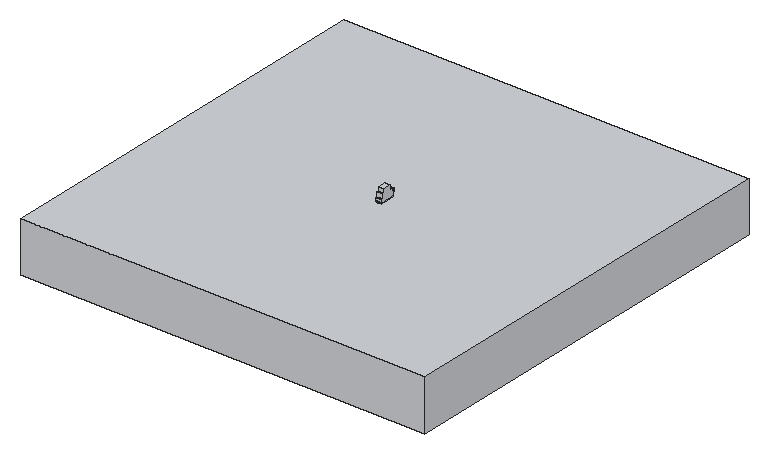
Revit family "Gira_207712", category Elektroinstallationen, Revit 2017
Family settings
  Basisbauteil = Fläche
  Beschriftungsausrichtung beibehalten = Nein
  Bemaßung runder Anschluss = Durchmesser verwenden
  Teiletyp = Normal
  Beim Laden mit Abzugskörper schneiden = Nein
  Gemeinsam genutzt = Nein
  Raumberechnungspunkt = Nein
Parameters
  Zentrale Funktionseinheit für Sender/Aktoren = yes
  Werkstoffgüte = "sonstige"
  Werkstoff = "sonstige"
  Default Elevation = 1219.2 mm
  URL = "https://www.gira.de/"
  Typname = "Gira G1 24 V Gira G1 G Weiß"
  Transparent = no
  Temperaturregler = yes
  Status-LED = yes
  Schutzart (IP) = "IP21"
  Präsenztaster = no
  Produktseite = "http://katalog.gira.de/de_DE/datenblatt.html?artikelnr=207712"
  Oberfläche = "sonstige"
  Montageart = "Unterputz"
  Mit Display = yes
  Mit Diebstahl-/Demontageschutz = yes
  Mit Busankopplung = no
  Logischer Baustein = yes
  IR-Sensor = no
  Hersteller = "Gira"
  HAN = "207712"
  GTIN = "4010337014317"
  Datenblatt = "https://katalog.gira.de/de_DE/download.html?artikelnr=207712"
  DCF77 Empfänger integriert = no
  Bussystem Powernet = no
  Bussystem LON = no
  Bussystem KNX-Funk = no
  Bussystem KNX = yes
  Bussystem Funkbus = no
  Breite in Teilungseinheiten = 2
  Beschreibung = "Gira G1 24 V  Glas Weiß Der Gira G1 ist ein multifunktionales Raumbediengerät zur Visualisierung und Bedienung vielfältiger Gebäudefunktionen. Zum Einsatz im KNX System und im Gira Türkommunikations-System oder als Client. Der jeweilige Funktionsumfang hängt von der verwendeten Firmware ab.  In der Funktion als Client stehen die Funktionen des KNX Raumbediengerät nicht zur Verfügung. Den genauen Funktionsumfang entnehmen Sie bitte dem Gira Online-Katalog sowie der technischen Gerätedokumentation.  Merkmale: - Die Bedienung erfolgt über ein gestenfähiges Multitouchdisplay. - Anbindung und Kommunikation ist variantenabhängig über LAN oder WLAN. - Integrierter Lautsprecher. - Integriertes Mikrofon mit Echokompensation.    Einsatzmöglichkeiten und Kombinationen: - Der Gira G1 als multifunktionales Raumbediengerät stellt folgende Funktionen bzw. Kombinationen von Funktionen zur Verfügung: - KNX Raumbediengerät - Wohnungsstation Video - Einbindung von Internetdiensten oder als Client für folgende System   Server - HomeServer – eNet – X1- Sicherheitssystem Alarm Connect Eigenschaften als KNX Raumbediengerät: - Intuitiv bedienbare und durch den Endbenutzer anpassbare Benutzeroberfläche. - Schalten, Tasten, Dimmen (relativ u. absolut), Dimmen (inkl. Dimmen RGB, RGBW u. Tunable White) Jalousie- und Rollladensteuerung, Wertgeber, Szenennebenstelle. - Statusanzeige, Anzeige von Datum und Uhrzeit, Anzeige von Innen- und Außentemperatur. - Bis zu 150 Funktionen (sechs Funktionsordner bzw. Räume mit jeweils bis zu 25 Funktionen). - Bis zu 125 Wochen-Zeitschaltuhren mit jeweils 10 Schaltzeiten. - Raumtemperaturregler in Kombination mit dem optional erhältlicher Temperaturfühlermodul oder KNX Geräten zur Raumtemperaturmessung, z. B. Tastsensor 3 Komfort. - Betriebsmodi: Komfort, Stand-by, Nacht und Frost- bzw. Hitzeschutz mit jeweils eigenen Temperatursollwerten (für Heizen und bzw. oder Kühlen). - Betriebsmodi individuell anpassbar. - Eine Heizungsuhr als Wochen-Zeitschaltuhr mit 28 Schaltzeiten. - Raumtemperaturregler-Nebenstelle zur Ansteuerung von Klimaanlagen (Fancoil) in Verbindung mit einem KNX Gateway für Klimaanlagen. Eigenschaften als Wohnungsstation Video: - Kameraumschaltung: gezielte Anwahl der angeschlossenen Farbkameras.  - Ansteuerung des Türöffners. - Rufton ein- und ausschalten. - Rufton wählbar aus 10 Melodien. - Internrufe. Einbindung von Internetdiensten: - Gira Wetterportal: Anzeige der Wetterprognose für bis zu fünf Orte (Internetverbindung erforderlich). Mit einem Firmware-Update kann der Gira G1 auch als Client für folgende System   Server eingesetzt werden:: - HomeServer Client - eNet Client - X1 Client - Sicherheitssystem Alarm Connect - Gira G1 mit Unterputz-Anschlussmodul 24 V WLAN zum Anschluss an eine geeignete Leitung (z. B. an das zweite Adernpaar der KNX Busleitung). - Datenkommunikation über WLAN.  Hinweise : - Nur zur Verwendung im Innenbereich geeignet. - Empfohlene Montagehöhe: 150 cm ab Fußboden. - Die Montage erfolgt auf eine tiefe Gerätedose (Empfehlung Elektronikdose bei LAN-Anschluss). - Die Kommunikation zur KNX Installation erfolgt ausschließlich über den KNXnet IP Standard. - Zur Anbindung des Gira G1 PoE an die KNX Installation muss ein KNX IP-Router verwendet werden. Es können mehrere Gira G1 an einem KNX IP-Router betrieben werden. - Zur Anbindung des Gira G1 230 V oder G1 24 V an die KNX Installation ist ein Gira KNX IP-Router (ab Firmwareversion 3) erforderlich um eine zuverlässige Kommunikation im WLAN sicherzustellen. Hierzu ist der Gira KNX IP-Router (ab Firmwareversion 3) speziell mit der Zusatzfunktion Zuverlässige Datenkommunikation\" ausgestattet. Es können mehrere Gira G1 an einem Gira KNX IP-Router (ab Firmwareversion 3) betrieben werden. - Hardware ab Indexstand I08 für KNX Secure vorbereitet (zusätzliches Firmeware-Update erforderlich). - Inbetriebnahme im KNX System ab ETS 5.5 oder höher. - Als Wohnungsstation nutzbar in Verbindung mit TKS-IP-Gateway. - Bitte beachten Sie bei der Planung der Anlage die technischen Informationen zur Netzwerkplanung in der Gerätedokumentation. - Für Firmware-Updates wird der Gira Projekt Assistent (GPA) benötigt. Der GPA ist kostenlos im Gira Downloadbereich verfügbar. - Zur Nutzung der Zeitschaltuhren ist entweder eine Internetverbindung zu einem NTP Zeitserver oder ein entsprechender KNX Zeitgeber (z.B. Gira Wetterstation Plus 2074 00) erforderlich. - Bei Verwendung als Gira HomeServer Client wird das Temperaturfühlermodul des Gira G1 nicht unterstützt. - Bei der Dimensionierung der Spannungsversorgung ist unbedingt die gesamte Leistungsaufnahme aller angeschlossenen Verbraucher sowie der Spannungsfall über das Leitungsnetz zu berücksichtigen.\""
  BIM = "https://media.stage.bim.site/public/gira/876eb45/Gira%20X1%20REG%20KNX.rfa?public/gira/876eb45/Gira X1 REG KNX.rfa"
  Ausführung der Oberfläche = "nicht zutreffend"
  Andere Bussysteme = "ohne"
Reference planes
  plane 1 "Center (Front/Back)": y = 0
  plane 2: z = 0
  plane 3 "Center (Left/Right)": x = 0
Forms (mm)
  Extrusion 1, solid
    sketch origin (0, 0, 0) x (1, 0, 0) y (0, 1, 0)
      loop
        line (-1219.2, 1219.2) -> (-1219.2, -1219.2) -> (1219.2, -1219.2) -> (1219.2, 1219.2) -> (-1219.2, 1219.2)
    from 0 to -304.8
  Extrusion 2, solid, detail levels fine
    sketch origin (0, -0.2, 0) x (0, 1, 0) y (0, 0, 1)
      loop
        line (22.65, 43.82) -> (22.65, 68.77) -> (-22.25, 68.77) -> (-22.25, 43.82) -> (-30.4, 43.82) -> (-30.4, 19.42) -> (-44.8, 19.42) -> (-44.8, 1.97) -> (45.192, 1.97) -> (45.192, 28.47) -> (32.925, 28.47) -> (32.831, 39.259) -> (31.225, 41.242) -> (31.225, 43.82) -> (22.65, 43.82)
    from -17.95 to 17.95
  Extrusion 3, solid, detail levels fine
    sketch origin (0, -0.2, 0) x (0, 1, 0) y (0, 0, 1)
      loop
        line (45.192, 43.82) -> (31.225, 43.82) -> (31.225, 41.242) -> (32.831, 39.259) -> (32.925, 28.47) -> (45.192, 28.47) -> (45.192, 43.82)
    from -17.95 to -15.8
  Extrusion 4, solid, detail levels fine
    sketch origin (0, -0.2, 0) x (0, 1, 0) y (0, 0, -1)
      loop
        line (45.192, -43.82) -> (45.192, -28.47) -> (32.925, -28.47) -> (32.831, -39.259) -> (31.225, -41.242) -> (31.225, -43.82) -> (45.192, -43.82)
    from -17.95 to -15.8
  Extrusion 5, solid, detail levels fine
    sketch origin (0, -0.2, 0) x (0, 1, 0) y (0, 0, 1)
      loop
        line (31.5, 42.848) -> (31.5, 40.412)
        arc (31.5, 40.412) -> (38.359, 39.512) -> (45.192, 38.435) r 267
        line (45.192, 38.435) -> (45.192, 14.255)
        arc (45.192, 14.255) -> (50.205, 15.189) -> (55.2, 16.219) r 264.9
        line (55.2, 16.219) -> (55.2, 38.933)
        arc (55.2, 38.933) -> (43.394, 41.159) -> (31.5, 42.848) r 265
    from -15.506 to 15.5
  Extrusion 6, solid, detail levels fine
    sketch origin (0, -0.2, 0) x (0, 1, 0) y (0, 0, 1)
      loop
        line (45.2, 1.5) -> (17.774, 1.5) -> (17.905, -6.017)
        arc (17.905, -6.017) -> (20.285, -6.454) -> (22.7, -6.6) r 20
        arc (22.7, -6.6) -> (33.985, -5.009) -> (45.128, -2.618) r 160
        line (45.128, -2.618) -> (45.2, 1.5)
    from -17.95 to 18
  Extrusion 7, solid, detail levels fine
    sketch origin (0, -0.2, 0) x (0, 1, 0) y (0, 0, 1)
      loop
        line (17.905, -6.017) -> (17.824, -1.4) -> (16.8, -1.4) -> (14.749, -4.952)
        arc (14.749, -4.952) -> (16.305, -5.55) -> (17.905, -6.017) r 20
    from -17.95 to -13
  Extrusion 8, solid, detail levels fine
    sketch origin (0, -0.2, 0) x (0, 1, 0) y (0, 0, -1)
      loop
        arc (17.905, 6.017) -> (16.305, 5.55) -> (14.749, 4.952) r 20
        line (14.749, 4.952) -> (16.8, 1.4) -> (17.824, 1.4) -> (17.905, 6.017)
    from -17.95 to -13
  Extrusion 9, solid, detail levels fine
    sketch origin (0, -0.2, 0) x (0, 1, 0) y (0, 0, 1)
      loop
        line (17.8, 0) -> (17.774, 1.5) -> (-44.8, 1.5) -> (-44.774, 0) -> (17.8, 0)
    from -17.95 to 17.95
  Extrusion 10, solid, detail levels fine
    sketch origin (0, 0, 0) x (0, 1, 0) y (0, 0, 1)
      loop
        line (-48.916, -3.317) -> (-44.906, -3.881) -> (-44.974, 0) -> (-48.916, 0) -> (-48.916, -3.317)
    from -4.803 to 4.797
  Extrusion 11, solid, detail levels fine
    sketch origin (0, 0, 0) x (0, 1, 0) y (0, 0, 1)
      loop
        arc (-22.5, -6.6) -> (-20.811, -6.529) -> (-19.134, -6.315) r 20
        line (-19.134, -6.315) -> (-18.029, -3.279) -> (-18, 0) -> (-44.974, 0) -> (-44.928, -2.618)
        arc (-44.928, -2.618) -> (-33.785, -5.009) -> (-22.5, -6.6) r 160
    from -17.95 to -10.5
  Extrusion 12, solid, detail levels fine
    sketch origin (0, 0, 0) x (0, 1, 0) y (0, 0, -1)
      loop
        arc (-22.5, 6.6) -> (-33.785, 5.009) -> (-44.928, 2.618) r 160
        line (-44.928, 2.618) -> (-44.974, 0) -> (-18, 0) -> (-18.029, 3.279) -> (-19.134, 6.315)
        arc (-19.134, 6.315) -> (-20.811, 6.529) -> (-22.5, 6.6) r 20
    from -17.95 to -10.5
  Extrusion 13, solid, detail levels fine
    sketch origin (0, 0, 0) x (0, 1, 0) y (0, 0, 1)
      loop
        line (-30.708, -6.6) -> (-30.65, 0) -> (-44.974, 0) -> (-44.859, -6.6) -> (-30.708, -6.6)
    from -10.5 to 10.5
  Extrusion 14, solid, detail levels fine
    sketch origin (0, 0, 0) x (1, 0, 0) y (0, 1, 0)
      loop
        circle (-0.003, -20.023) r 1
    from -7.682 to 0
  Extrusion 15, solid, detail levels fine
    sketch origin (0, 0, 0) x (0, 1, 0) y (0, 0, 1)
      loop
        line (-17.523, -0.8) -> (-17.523, 0) -> (-30.65, 0) -> (-30.684, -3.9) -> (-27.106, -3.9) -> (-27.106, -5.6) -> (-19.623, -6.6) -> (-18.03, -6.6) -> (-15.023, -2.682) -> (-15.023, -1.517) -> (-17.523, -0.8)
    from -4.503 to 4.5
  Extrusion 16, solid, detail levels fine
    sketch origin (0, 0, 0) x (1, 0, 0) y (0, 1, 0)
      loop
        line (16.859, 43.848) -> (-16.859, 43.848) -> (-16.859, -43.859) -> (16.859, -43.859) -> (16.859, 43.848)
    from 1.5 to 4
  Extrusion 17, solid, detail levels medium
    sketch origin (0, 0, 0) x (0, 1, 0) y (0, 0, 1)
      loop
        line (22.45, 68.77) -> (-22.45, 68.77) -> (-22.45, 43.82) -> (-30.6, 43.82) -> (-30.6, 19.42) -> (-45, 19.42) -> (-45, 0) -> (-48.916, 0) -> (-48.916, -6.6) -> (-15.023, -6.6) -> (-15.023, 0) -> (14.549, 0) -> (14.549, -6.6) -> (44.992, -6.6) -> (44.992, 14.255)
        arc (44.992, 14.255) -> (50.005, 15.189) -> (55, 16.219) r 264.9
        line (55, 16.219) -> (55, 38.933)
        arc (55, 38.933) -> (50.005, 39.943) -> (44.992, 40.856) r 265
        line (44.992, 40.856) -> (44.992, 43.82) -> (22.45, 43.82) -> (22.45, 68.77)
    from -17.95 to 17.95
  Extrusion 18, solid, detail levels coarse
    sketch origin (0, 0, 0) x (1, 0, 0) y (0, 1, 0)
      loop
        line (-17.95, 55) -> (-17.95, -48.916) -> (17.95, -48.916) -> (17.95, 55) -> (-17.95, 55)
    from -7.682 to 68.77
Dimensions and locks
  aligned and locked: plane 2 to Extrusion 1
  aligned and locked: level to Extrusion 1
Connectors
  electrical at (0, -13.687, 0)
    settings: on Extrusion 9, index 1, voltage 24 V, apparent load 0 VA, apparent load phase1 0 VA, apparent load phase2 0 VA, apparent load phase3 0 VA, power factor 1, load classification "Other", number of poles 1, system type 30, power factor state 1, is connector primary yes, connector utility no, sub classification motor no, connector description ""
